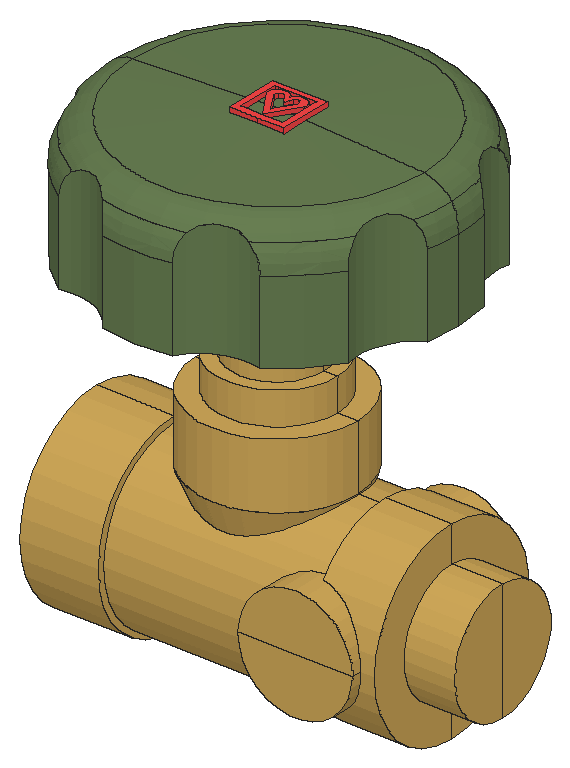
Revit family "Запорный клапан Strömax 4215 W, муфта х наружная резьба", category Rohrzubehör, Revit 2021
Family settings
  Bemaßung runder Anschluss = Durchmesser verwenden
  Teiletyp = Unterbricht
  OmniClass-Nummer = 23.65.55.14
  OmniClass-Titel = Valves for Liquid Services
  Arbeitsebenenbasiert = Nein
  Immer vertikal = Ja
  Beim Laden mit Abzugskörper schneiden = Nein
  Gemeinsam genutzt = Nein
Parameters
  Примечание = "В соответствии со статьей 33 Регламента REACH (Registration; Evaluation; Authorisation; Restriction of Chemicals) (EC № 1907/2006) мы обязаны указать, что свинец внесен в список SVHC (Substances of Very High Concern - вещества очень высокой важности) и весовой процент свинца во всех латунных компонентах заводского изготовления в наших изделиях, превышает 0,1 % (w/w) (CAS: 7439-92-1 / EINECS: 231-100-4).\r\nПоскольку свинец является легирующим компонентом сплава, прямое негативное влияние исключается, и поэтому дополнительной информации о безопасном использовании не требуется."
  Область применения = "Для перекрытия трубопроводов в системе питьевого водоснабжения в зданиях."
  Номер заказа = 2412561  # constant formula
  Маховик = "пластик, цвет маховика - зеленый"  # constant formula
  Макс. рабочее давление = 1000000.0 Pa  # constant formula
  Макс. рабочая температура = 90 °C  # constant formula
  Корпус = "латунь, устойчивая к селективной цинковой коррозии, в соответствии с EN1982"  # constant formula
  Vorgabe-Ansicht = 0 mm
  URL = "www.herz-armaturen.ru"
  T01 = 17.5 mm  # constant formula
  SC_NennweiteBerechnet = 0
  SC_Dimension = ""
  SCTWSEQ = "FW;SBT_TYP_FW=\"106\";2"
  SCTWCODE = "04;01;02"  # constant formula
  S03 = 60 mm  # constant formula
  S02 [instance] = H01 + H02 + H03  # 46 mm
  S01 [instance] = R01 * 2  # 32 mm
  R09 [instance] = Nennweite Aus / 2  # 10 mm
  R08 [instance] = size_lookup("4215W_", "R8", 9.5 mm, Nennweite)  # 9.5 mm
  R07 = 3 mm  # constant formula
  R06 [instance] = size_lookup("4215W_", "R6", 7.8 mm, Nennweite)  # 7.8 mm
  R05 [instance] = size_lookup("4215W_", "R5", 10.1 mm, Nennweite)  # 10.1 mm
  R04 [instance] = size_lookup("4215W_", "R4", 13.5 mm, Nennweite)  # 13.5 mm
  R03 = 15 mm  # constant formula
  R02 [instance] = Nennweite / 2  # 7.5 mm
  R01 = 16 mm  # constant formula
  Nennweite Aus [instance] = 20 mm  # constant formula
  Nennweite [instance] = 15 mm  # constant formula
  Мин. расход при Dp 10 кПа [instance] = if(Nennweite = 15 mm, 0.2, if(Nennweite = 20 mm, 0.4, if(Nennweite = 25 mm, 0.7, if(Nennweite = 32 mm, 1.2, if(Nennweite = 40 mm, 1.6, if(Nennweite = 50 mm, 2.7, 0))))))  # 0.2
  Среда = "Питьевая вода"  # constant formula
  Макс. перепад давления на закрытом седле = 1000000.0 Pa  # constant formula
  L06 = 18 mm  # constant formula
  L05 = 8.5 mm  # constant formula
  L04 = 37.5 mm  # constant formula
  L03 = 17 mm  # constant formula
  L02 = 12 mm  # constant formula
  L01 = 13 mm  # constant formula
  L00 = 30 mm  # constant formula
  Hersteller = "HERZ Armaturen Ges.m.b.H"  # constant formula
  H04 = 21 mm  # constant formula
  H03 = 14.6 mm  # constant formula
  H02 = 5.4 mm  # constant formula
  H01 = 26 mm  # constant formula
  H00 [instance] = H01 + H02 + H03  # 46 mm
  O-Ring = "EPDM"  # constant formula
Reference planes
  plane 1 "Mitte (Vorne/hinten)": y = 0
  plane 2: z = 0
  plane 3 "Mitte (Links/rechts)": x = 0
Forms (mm)
  Revolve 1, solid, material "Messing, weicher Gelbton, geschweißt", detail levels fine
    sketch origin (470, 0, 0) x (1, 0, 0) y (0, 0, 1)
      loop
        line (-500, 7.5) -> (-488, 7.5) -> (-488, 0) -> (-432.5, 0) -> (-432.5, 10) -> (-441, 10) -> (-441, 16) -> (-452, 16) -> (-452, 15) -> (-487, 15) -> (-487, 16) -> (-500, 16) -> (-500, 7.5)
      axis (-500, 0) -> (-432.5, 0)
    angle from 0 to 360
  Revolve 2, solid, material "Messing, weicher Gelbton, geschweißt", detail levels fine
    sketch origin (0, 0, 0) x (1, 0, 0) y (0, 0, 1)
      loop
        line (0, 0) -> (0, 46) -> (-7.8, 46) -> (-7.8, 31.4) -> (-10.1, 31.4) -> (-10.1, 26) -> (-13.5, 26) -> (-13.5, 15) -> (-7.5, 0) -> (0, 0)
      axis (0, 46) -> (0, 0)
    angle from 0 to 360
  Revolve 3, solid, material "Messing, weicher Gelbton, geschweißt", detail levels fine
    sketch origin (0, 0, 0) x (1, 0, 0) y (0, 1, 0)
      loop
        line (17, -17.5) -> (26.5, -17.5) -> (26.5, -7.5) -> (20, -7.5) -> (20, 7.5) -> (26.5, 7.5) -> (26.5, 17.5) -> (17, 17.5) -> (17, -17.5)
      axis (17, 17.5) -> (17, -17.5)
    angle from 0 to 360
Lines and regions (mm)
  model lines, detail levels coarse+medium
    curve 1: line (-30, 0, 16) -> (-30, 0, -16)
    curve 2: line (-30, 0, -16) -> (37.5, 0, 16)
    curve 3: line (37.5, 0, 16) -> (37.5, 0, -16)
    curve 4: line (37.5, 0, -16) -> (-30, 0, 16)
    curve 5: line (3.75, 0, 0) -> (3.75, 0, 46)
    curve 6: line (-26.25, 0, 46) -> (33.75, 0, 46)
    curve 7: line (-30, -16, 0) -> (-30, 16, 0)
    curve 8: line (-30, 16, 0) -> (37.5, -16, 0)
    curve 9: line (37.5, -16, 0) -> (37.5, 16, 0)
    curve 10: line (37.5, 16, 0) -> (-30, -16, 0)
    curve 11: line (3.75, 0, 0) -> (3.75, 46, 0)
    curve 12: line (-26.25, 46, 0) -> (33.75, 46, 0)
Dimensions and locks
  "R01": Revolve 1 sketch curve to Revolve 1 sketch curve  (x2)
  "R02": Revolve 1 sketch curve to Revolve 1 sketch curve
  "L01": Revolve 1 sketch curve to Revolve 1 sketch curve
  "L02": Revolve 1 sketch curve to Revolve 1 sketch curve
  "R03": Revolve 1 sketch curve to Revolve 1 sketch curve
  "R03": Revolve 2 sketch curve to Revolve 2 sketch curve
  "R02": Revolve 2 sketch curve to Revolve 2 sketch curve
  "R04": Revolve 2 sketch curve to Revolve 2 sketch curve
  "R05": Revolve 2 sketch curve to Revolve 2 sketch curve
  "R06": Revolve 2 sketch curve to Revolve 2 sketch curve
  "H01": Revolve 2 sketch curve to plane 2
  "T01": Revolve 3 sketch curve to plane 1 "Mitte (Vorne/hinten)" to Revolve 3 sketch curve
  "R02": Revolve 3 sketch curve to plane 1 "Mitte (Vorne/hinten)"
  "R02": plane 1 "Mitte (Vorne/hinten)" to Revolve 3 sketch curve
  "R07": Revolve 3 sketch curve to Revolve 3 sketch curve
  "R08": Revolve 3 sketch curve to Revolve 3 sketch curve
  "H02": Revolve 2 sketch curve to Revolve 2 sketch curve
  "H03": Revolve 2 sketch curve to Revolve 2 sketch curve
  "L00": plane 3 "Mitte (Links/rechts)" to Revolve 1 sketch curve
  "L04": Revolve 1 sketch curve to plane 3 "Mitte (Links/rechts)"
  "R09": Revolve 1 sketch curve to Revolve 1 sketch curve
  "L03": plane 3 "Mitte (Links/rechts)" to Revolve 3 sketch curve
  "L05": Revolve 1 sketch curve to Revolve 1 sketch curve
  "L06": Revolve 1 sketch curve to plane 3 "Mitte (Links/rechts)"
  "H00": nested 1 to plane 2
  "H04": nested 2 to Revolve 2
  equal spacing: curve 3, plane 2, curve 4
  "S01": curve 3 to curve 4
  equal spacing: curve 4, plane 2, curve 2
  "S01": curve 2 to curve 4
  "L00": curve 1 to plane 3 "Mitte (Links/rechts)"
  "L04": plane 3 "Mitte (Links/rechts)" to curve 3
  equal spacing: Revolve 1, curve 5, curve 3
  "S02": curve 5 to plane 2
  equal spacing: curve 6, curve 5, curve 6
  "S03": curve 6 to curve 6
  equal spacing: curve 10, plane 1 "Mitte (Vorne/hinten)", curve 8
  equal spacing: curve 9, plane 1 "Mitte (Vorne/hinten)", curve 10
  "S01": curve 8 to curve 7
  "S01": curve 10 to curve 9
  "L04": plane 3 "Mitte (Links/rechts)" to curve 9
  "L00": curve 7 to plane 3 "Mitte (Links/rechts)"
  equal spacing: curve 12, curve 11, curve 12
  equal spacing: curve 7, curve 11, curve 9
  "S03": curve 12 to curve 12
  "S02": plane 1 "Mitte (Vorne/hinten)" to curve 11
  aligned and locked: level to plane 2
Automatic sketch dimensions
  Revolve 1 sketch curve to level = 0 mm  (x2)
  Revolve 1 sketch curve to Revolve 1 sketch curve = 791.99 mm
  Revolve 1 sketch curve to Revolve 1 sketch curve = 2278.983 mm
  Revolve 2 sketch curve to level = 0 mm
  Revolve 2 sketch curve to plane 3 "Mitte (Links/rechts)" = 0 mm  (x2)
  Revolve 2 sketch curve to level = 366.045 mm
  Revolve 2 sketch curve to Revolve 2 sketch curve = 2165.278 mm
  Revolve 3 sketch curve to Revolve 3 sketch curve = 9.5 mm
  Revolve 3 sketch curve to Revolve 3 sketch curve = 0 mm
  Revolve 3 sketch curve to Revolve 3 sketch curve = 4.553 mm
  Revolve 3 sketch curve to Revolve 3 sketch curve = 3.768 mm
Nested families
  nested 1: "Strömax-Handrad (Grün)" at (0.258, 0, 46), type "Strömax-Handrad (Grün)", detail levels fine
    with Nennweite 0 mm, Gewicht 0.00 kg, Bestellnummer 0
  nested 2: "Herz-Logo" at (0.258, 0, 67), type "Herz-Logo", detail levels fine
Connectors
  piping at (-18, 0, 0), diameter 15, driven by "Nennweite"
    settings: on Revolve 1, index 1, connector inside diameter 609.6 mm, connector length 0 mm, flow factor 0, pipe flow 0.0 L/s, pressure drop 0.0 Pa, fitting loss kfactor 0, connector angle 0.00°, fixture units 0, engagement length 0 mm, angle of deflection 0.00°, flow configuration 0, flow direction 1, fitting loss method 0, system type 29, joint type 0, gender type 0, connector reference index -1, connector utility 0, adjustable connector no, is connector primary yes, connector description ""
  piping at (37.5, 0, 0), diameter 20, driven by "Nennweite Aus"
    settings: on Revolve 1, index 2, connector inside diameter 609.6 mm, connector length 0 mm, flow factor 0, pipe flow 0.0 L/s, pressure drop 0.0 Pa, fitting loss kfactor 0, connector angle 0.00°, fixture units 0, engagement length 0 mm, angle of deflection 0.00°, flow configuration 0, flow direction 2, fitting loss method 0, system type 29, joint type 0, gender type 0, connector reference index -1, connector utility 0, adjustable connector no, is connector primary no, connector description ""
Definition of nested family "Strömax-Handrad (Grün)"
  Parameters (values of type "Strömax-Handrad (Grün)")
    Default Elevation = 0 mm
    URL = "www.herz-armaturen.at"
    Nennweite [instance] = 0 mm
    Manufacturer = "Herz Armaturen GmbH"  # constant formula
    Gewicht [instance] = 0.00 kg
    Bestellnummer [instance] = 0
  Reference planes
    plane 1 "Mitte (Vorne/hinten)": y = 0
    plane 2: z = 0
    plane 3 "Mitte (Links/rechts)": x = 0
  Forms (mm)
    Revolve 1, solid
      sketch origin (0, 0, 0) x (1, 0, 0) y (0, 0, 1)
        loop
          line (0, 0) -> (0, 22)
          arc (0, 22) -> (-12.15, 21.705) -> (-24.271, 20.819) r 250
          arc (-24.271, 20.819) -> (-26.831, 19.959) -> (-28.754, 18.063) r 6
          arc (-28.754, 18.063) -> (-29.682, 16.008) -> (-30, 13.776) r 8
          line (-30, 13.776) -> (-30, 0) -> (0, 0)
        axis (0, 22) -> (0, 0)
      angle from 0 to 360
    Extrusion 2, void
      sketch origin (0, 0, 0) x (1, 0, 0) y (0, 1, 0)
        loop
          circle (14.351, -34.645) r 10
      from 0 to 22
    Extrusion 3, void
      sketch origin (0, 0, 0) x (-1, 0, 0) y (0, -1, 0)
        loop
          circle (14.351, 34.645) r 10
      from 0 to 22
    Extrusion 4, void
      sketch origin (0, 0, 0) x (0, -1, 0) y (1, 0, 0)
        loop
          circle (14.351, 34.645) r 10
      from 0 to 22
    Extrusion 5, void
      sketch origin (0, 0, 0) x (0, 1, 0) y (-1, 0, 0)
        loop
          circle (14.351, -34.645) r 10
      from 0 to 22
    Extrusion 6, void
      sketch origin (0, 0, 0) x (0, -1, 0) y (1, 0, 0)
        loop
          circle (14.351, -34.645) r 10
      from 0 to 22
    Extrusion 7, void
      sketch origin (0, 0, 0) x (0, 1, 0) y (-1, 0, 0)
        loop
          circle (14.351, 34.645) r 10
      from 0 to 22
    Extrusion 8, void
      sketch origin (0, 0, 0) x (1, 0, 0) y (0, 1, 0)
        loop
          circle (14.351, 34.645) r 10
      from 0 to 22
    Extrusion 9, void
      sketch origin (0, 0, 0) x (-1, 0, 0) y (0, -1, 0)
        loop
          circle (14.351, -34.645) r 10
      from 0 to 22
  Cuts and joins
    Extrusion 2, Extrusion 3, Extrusion 4, Extrusion 5, Extrusion 6, Extrusion 7, Extrusion 8, Extrusion 9 cuts Revolve 1
  Dimensions and locks
    aligned and locked: level to plane 2
Definition of nested family "Herz-Logo"
  Parameters (values of type "Herz-Logo")
    Default Elevation = 0 mm
  Reference planes
    plane 1 "Mitte (Vorne/hinten)": y = 0
    plane 2: z = 0
    plane 3 "Mitte (Links/rechts)": x = 0
  Forms (mm)
    Extrusion 1, solid
      sketch origin (0, 0, 0) x (1, 0, 0) y (0, 1, 0)
        loop
          line (-0.018, -4.517) -> (4.482, -4.517) -> (4.482, 4.483) -> (-4.518, 4.483) -> (-4.518, -4.517) -> (-0.018, -4.517)
        loop
          line (-0.05, -3.48) -> (3.482, -3.48) -> (3.482, 3.483) -> (-3.518, 3.483) -> (-3.518, -3.48) -> (-0.05, -3.48)
        loop
          arc (-0.018, 2.383) -> (-1.543, 3.287) -> (-3.067, 2.383) r 1.738
          arc (-3.067, 2.383) -> (-3.191, 1.899) -> (-3.067, 1.415) r 1.009
          line (-3.067, 1.415) -> (-0.018, -3.281) -> (3.032, 1.415)
          arc (3.032, 1.415) -> (3.156, 1.899) -> (3.032, 2.383) r 1.009
          arc (3.032, 2.383) -> (1.507, 3.287) -> (-0.018, 2.383) r 1.738
        loop
          arc (1.885, 1.272) -> (2.005, 1.675) -> (1.885, 2.079) r 0.74
          arc (1.885, 2.079) -> (1.265, 2.416) -> (0.644, 2.079) r 0.74
          line (0.644, 2.079) -> (-0.018, 0.97) -> (-0.679, 2.079)
          arc (-0.679, 2.079) -> (-1.3, 2.416) -> (-1.921, 2.079) r 0.74
          arc (-1.921, 2.079) -> (-2.04, 1.675) -> (-1.921, 1.272) r 0.74
          line (-1.921, 1.272) -> (-0.018, -1.658) -> (1.885, 1.272)
      from 0 to 1.5
  Dimensions and locks
    aligned and locked: level to plane 2
